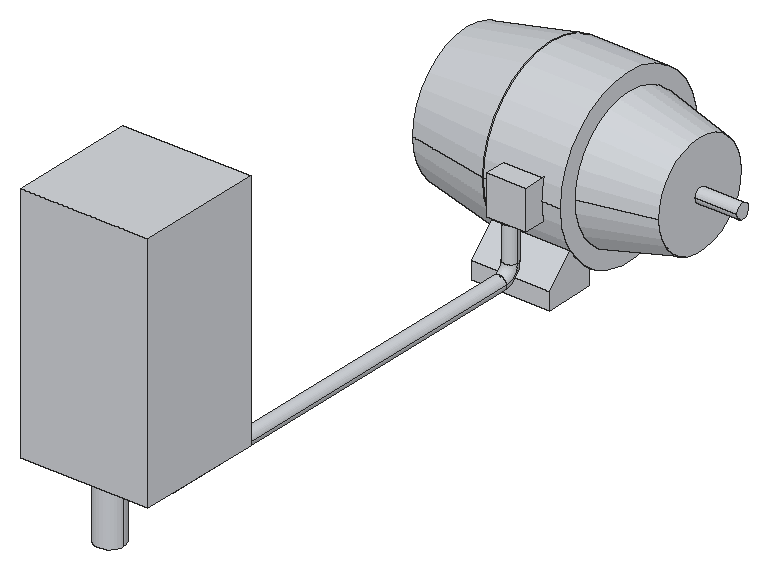
Revit family "56276b2224914bb4ba42f3f954289799", category Electrical Fixtures, Revit 2021
Family settings
  Maintain Annotation Orientation = Yes
  Round Connector Dimension = Use Radius
  Part Type = Normal
  OmniClass Number = 23.80.10.21.14
  OmniClass Title = Alternating Current (AC) Motors
  Seek Item ID = Motor with Disconnect-0000-USA-ENU
  Work Plane-Based = No
  Always vertical = Yes
  Cut with Voids When Loaded = No
  Shared = No
  Room Calculation Point = No
Parameters (values of type "Single Phase - 120")
  Width 1 = Base Width * 0.25  # 0' - 1 3/4"
  Voltage = ""
  Radius 2 = Motor Radius * 0.6  # 0' - 1.8"
  Radius 1 = Motor Radius * 0.8  # 0' - 2.4"
  Number of Poles = 1
  Nominal Radius [instance] = 1/2"
  Nominal Diameter [instance] = Nominal Radius * 2  # 1"
  Motor Voltage = 115 V
  Motor Radius = 0' - 3"
  Motor Material = none
  Motor Length = 0' - 9 179/256"
  Load Classification = Motor
  Length 2 = Base Length * 0.25  # 0' - 0 11/16"
  Enclosure [instance] = "Open Dripproof"
  Default Elevation = 0' - 0"
  Axis Length = 0' - 1 1/2"
  Length 1 = 0' - 2 1/2"
  Base Length = 0' - 2 3/4"
  Height 1 = Motor Radius * 0.2  # 0' - 0.6"
  Base Width = 0' - 7"
  Axis Radius = Axis Diameter * 0.5  # 0' - 0 1/4"
  Axis Diameter = 0' - 0 1/2"
  Apparent Load = 1012 VA
Types (5): name | Width 1 | Radius 2 | Radius 1 | Number of Poles | Motor Voltage | Motor Radius | Motor Length | Length 2 | Axis Length | Length 1 | Base Length | Height 1 | Base Width | Axis Radius | Axis Diameter | Apparent Load
  (no name) | 0' - 1 3/4" | 0' - 1.8" | 0' - 2.4" | 1 | 115 V | 0' - 3" | 0' - 9 179/256" | 0' - 0 11/16" | 0' - 1 1/2" | 0' - 2 1/2" | 0' - 2 3/4" | 0' - 0.6" | 0' - 7" | 0' - 0 1/4" | 0' - 0 1/2" | 1012 VA
  Single Phase - 120 | 0' - 1 3/4" | 0' - 1.8" | 0' - 2.4" | 1 | 115 V | 0' - 3" | 0' - 9 179/256" | 0' - 0 11/16" | 0' - 1 1/2" | 0' - 2 1/2" | 0' - 2 3/4" | 0' - 0.6" | 0' - 7" | 0' - 0 1/4" | 0' - 0 1/2" | 1012 VA
  Single Phase - 240 | 0' - 1 3/4" | 0' - 2.1" | 0' - 2.8" | 2 | 230 V | 0' - 3 1/2" | 0' - 9 51/256" | 0' - 0 3/4" | 0' - 1 225/256" | 0' - 2 3/4" | 0' - 3" | 0' - 0.7" | 0' - 7" | 0' - 0 5/16" | 0' - 0 5/8" | 1058 VA
  Three Phase - 208 | 0' - 2 1/4" | 0' - 2.7" | 0' - 3.6" | 3 | 200 V | 0' - 4 1/2" | 1' - 3" | 0' - 1 3/8" | 0' - 2 3/4" | 0' - 2 3/4" | 0' - 5 1/2" | 0' - 0.9" | 0' - 9" | 0' - 0 9/16" | 0' - 1 1/8" | 2960 VA
  Three Phase - 480 | 0' - 3 1/8" | 0' - 3.15" | 0' - 4.2" | 3 | 460 V | 0' - 5 1/4" | 1' - 10 77/128" | 0' - 2 1/16" | 0' - 4" | 0' - 3 1/2" | 0' - 8 1/4" | 0' - 1.05" | 1' - 0 1/2" | 0' - 0 13/16" | 0' - 1 5/8" | 8510 VA
Reference planes (in)
  plane 1 "Center (Front/Back)": y = 0
  plane 2: z = 0
  plane 3 "Center (Left/Right)": x = 0
  plane 4: x = -4.32422
  plane 5: x = 3.875
  plane 6: x = 5.375
  plane 7: z = 3
  plane 8: z = 3.6875
  plane 9: z = 2.3125
  plane 10: x = -0.6875
  plane 11: x = 0.6875
  plane 12: y = -3.6875
  plane 13: y = -3
  plane 14: y = -2.8
  plane 15: y = 3.5
  plane 16: y = -3.5
  plane 17: z = 0.6
  plane 18: y = 1.75
  plane 19: y = -1.75
  plane 20: through (0, 3.5, 0.6) normal (0, 0.7071, 0.7071)
  plane 21: through (0, -3.5, 0.6) normal (0, 0.7071, -0.7071)
  plane 22: y = 2.4
  plane 23: y = -2.4
  plane 24: x = -1.375
  plane 25: x = 1.375
  plane 26: y = -20
  plane 27: z = 10.8125
  plane 28: y = -22.25
  plane 29: y = -17.75
  plane 30: x = -2.25
  plane 31: x = 2.25
  plane 32: y = -18.875
  plane 33: y = -21.125
  plane 34: z = 1.1
  plane 35: y = -18.37876
  plane 36: y = -4
  plane 37: x = -0.25
  plane 38: x = 0.25
Forms (in)
  Extrusion 1, solid, material <- "Motor Material"
    sketch origin (0, 0, 0) x (0, 1, 0) y (0, 0, 1)
      loop
        circle (0, 3) r 3
    from -1.375 to 1.375
  Blend 2, solid, material <- "Motor Material"
    base sketch origin (0, 0, 0) x (0, 1, 0) y (0, 0, 1)
      loop
        circle (0, 3) r 2.4
    top sketch origin (0, 0, 0) x (0, 1, 0) y (0, 0, 1)
      loop
        circle (0, 3) r 1.8
    from 1.375 to 3.875
  Blend 3, solid, material <- "Motor Material"
    base sketch origin (0, 0, 0) x (0, 1, 0) y (0, 0, 1)
      loop
        circle (0, 3) r 2.4
    top sketch origin (0, 0, 0) x (0, 1, 0) y (0, 0, 1)
      loop
        circle (0, 3) r 3
    from -4.32422 to -1.375
  Extrusion 4, solid, material <- "Motor Material"
    sketch origin (0, 0, 0) x (0, 1, 0) y (0, 0, 1)
      loop
        circle (0, 3) r 0.25
    from 3.875 to 5.375
  Extrusion 5, solid, material <- "Motor Material"
    sketch origin (0, 0, 0) x (1, 0, 0) y (0, 0, 1)
      loop
        line (-0.6875, 3.6875) -> (-0.6875, 2.3125) -> (0.6875, 2.3125) -> (0.6875, 3.6875) -> (-0.6875, 3.6875)
    from 2.8 to 3.6875
  Extrusion 6, solid, material <- "Motor Material"
    sketch origin (0, 0, 0) x (0, 1, 0) y (0, 0, 1)
      loop
        line (1.75, 0) -> (3.5, 0) -> (3.5, 0.6) -> (2.59878, 1.50122)
        arc (2.59878, 1.50122) -> (2.22439, 0.98702) -> (1.75, 0.5633) r 3
        line (1.75, 0.5633) -> (1.75, 0)
      loop
        line (-3.5, 0) -> (-1.75, 0) -> (-1.75, 0.5633)
        arc (-1.75, 0.5633) -> (-2.22439, 0.98702) -> (-2.59878, 1.50122) r 3
        line (-2.59878, 1.50122) -> (-3.5, 0.6) -> (-3.5, 0)
    from -1.375 to 1.375
  Sweep 7, solid, material <- "Motor Material"
    path origin (0, 0, 0) x (0, 1, 0) y (0, 0, 1)
      loop
        line (-21.125, 2.3125) -> (-21.125, 0)
    profile origin (0, -21.125, 1.15625) x (1, 0, 0) y (0, 1, 0)
      loop
        circle (0, 0) r 0.5
  Sweep 8, solid, material <- "Motor Material"
    path origin (0, 0, 0) x (0, 1, 0) y (0, 0, 1)
      loop
        line (-18.875, 2.3125) -> (-18.875, 1.03879)
        arc (-18.875, 1.03879) -> (-18.70997, 0.72543) -> (-18.37876, 0.6) r 0.5
        line (-18.37876, 0.6) -> (-4, 0.6)
        arc (-4, 0.6) -> (-3.64645, 0.74645) -> (-3.5, 1.1) r 0.5
        line (-3.5, 1.1) -> (-3.5, 2.3125)
    profile origin (0, -18.875, 1.67565) x (1, 0, 0) y (0, 1, 0)
      loop
        circle (0, 0) r 0.25
  Extrusion 9, solid
    sketch origin (0, 0, 0) x (0, 1, 0) y (0, 0, 1)
      loop
        line (-22.25, 10.8125) -> (-22.25, 2.3125) -> (-17.75, 2.3125) -> (-17.75, 10.8125) -> (-22.25, 10.8125)
    from -2.25 to 2.25
Lines and regions (in)
  symbolic lines, detail levels fine
    curve 1: line (-4.32422, 2.4, 0) -> (-4.32422, -2.4, 0)
    curve 2: line (-1.375, -3, 0) -> (-1.375, 3, 0)
    curve 3: line (-4.32422, 2.4, 0) -> (-1.375, 3, 0)
    curve 4: line (-4.32422, -2.4, 0) -> (-1.375, -3, 0)
    curve 5: line (1.375, -3, 0) -> (1.375, 3, 0)
    curve 6: line (-1.375, 3, 0) -> (1.375, 3, 0)
    curve 7: line (-1.375, -3, 0) -> (1.375, -3, 0)
    curve 8: line (3.875, -1.8, 0) -> (3.875, 1.8, 0)
    curve 9: line (3.875, 1.8, 0) -> (1.375, 2.4, 0)
    curve 10: line (3.875, -1.8, 0) -> (1.375, -2.4, 0)
    curve 11: line (5.375, -0.25, 0) -> (5.375, 0.25, 0)
    curve 12: line (5.375, 0.25, 0) -> (3.875, 0.25, 0)
    curve 13: line (5.375, -0.25, 0) -> (3.875, -0.25, 0)
    curve 14: line (-0.6875, -3.6875, 0) -> (0.6875, -3.6875, 0)
    curve 15: line (-0.6875, -3.6875, 0) -> (-0.6875, -3, 0)
    curve 16: line (0.6875, -3.6875, 0) -> (0.6875, -3, 0)
    curve 17: line (2.25, -17.75, 0) -> (-2.25, -17.75, 0)
    curve 18: line (2.25, -22.25, 0) -> (2.25, -17.75, 0)
    curve 19: line (-2.25, -17.75, 0) -> (-2.25, -22.25, 0)
    curve 20: line (-2.25, -22.25, 0) -> (2.25, -22.25, 0)
    curve 21: line (-0.25, -17.75, 0) -> (-0.25, -3.6875, 0)
    curve 22: line (0.25, -17.75, 0) -> (0.25, -3.6875, 0)
Dimensions and locks (in)
  "Axis Length": plane 5 to plane 6
  "Motor Length": plane 4 to plane 6
  "Motor Radius": plane 7 to plane 2
  "Length 2": plane 8 to plane 7
  "Length 2": plane 7 to plane 9
  "Length 2": plane 3 "Center (Left/Right)" to plane 10
  "Length 2": plane 11 to plane 3 "Center (Left/Right)"
  "Motor Radius": plane 1 "Center (Front/Back)" to plane 13
  locked: plane 14 to plane 13 at 0.2
  "Length 2": plane 13 to plane 12
  equal spacing: plane 15, plane 1 "Center (Front/Back)", plane 16
  "Base Width": plane 15 to plane 16
  "Height 1": plane 17 to level
  "Width 1": plane 15 to plane 18
  "Width 1": plane 19 to plane 16
  "Radius 1": plane 22 to plane 1 "Center (Front/Back)"
  "Radius 1": plane 23 to plane 1 "Center (Front/Back)"
  equal spacing: plane 24, plane 3 "Center (Left/Right)", plane 25
  "Base Length": plane 24 to plane 25
  locked: plane 26 to plane 1 "Center (Front/Back)" at 20
  locked: plane 27 to plane 9 at 8.5
  locked: plane 28 to plane 26 at 2.25
  locked: plane 26 to plane 29 at 2.25
  locked: plane 30 to plane 3 "Center (Left/Right)" at 2.25
  locked: plane 3 "Center (Left/Right)" to plane 31 at 2.25
  equal spacing: plane 26, plane 32, plane 29
  equal spacing: plane 28, plane 33, plane 26
  locked: plane 34 to plane 17 at 0.5
  locked: plane 32 to plane 35 at 0.49624
  locked: plane 36 to plane 16 at 0.5
  "Length 1": plane 25 to plane 5
  "Radius 1": plane 1 "Center (Front/Back)" to curve 1
  "Radius 1": curve 1 to plane 1 "Center (Front/Back)"
  "Motor Radius": plane 1 "Center (Front/Back)" to curve 2
  "Motor Radius": curve 2 to plane 1 "Center (Front/Back)"
  "Motor Radius": plane 1 "Center (Front/Back)" to curve 5
  "Motor Radius": curve 5 to plane 1 "Center (Front/Back)"
  "Radius 2": plane 1 "Center (Front/Back)" to curve 8
  "Radius 2": curve 8 to plane 1 "Center (Front/Back)"
  "Axis Radius": plane 1 "Center (Front/Back)" to curve 11
  "Axis Radius": curve 11 to plane 1 "Center (Front/Back)"
  locked: plane 37 to plane 3 "Center (Left/Right)" at 0.25
  locked: plane 3 "Center (Left/Right)" to plane 38 at 0.25
  "Motor Radius": radius of Extrusion 1 sketch curve
  "Radius 1": radius of Blend 2 sketch curve
  "Radius 2": radius of Blend 2 sketch curve
  "Radius 1": radius of Blend 3 sketch curve
  "Motor Radius": radius of Blend 3 sketch curve
  "Axis Radius": radius of Extrusion 4 sketch curve
  "Nominal Radius": radius of Sweep 7 sketch curve
  locked: plane 20 to plane 17 (angle 135.00°)
  locked: plane 21 to plane 17 (angle 45.00°)
  aligned and locked: plane 7 to Extrusion 1 sketch curve
  aligned and locked: plane 1 "Center (Front/Back)" to Extrusion 1 sketch curve
  aligned and locked: plane 7 to Blend 2 sketch curve  (x2)
  aligned and locked: plane 1 "Center (Front/Back)" to Blend 2 sketch curve  (x2)
  aligned and locked: plane 5 to Blend 2
  aligned and locked: plane 7 to Blend 3 sketch curve  (x2)
  aligned and locked: plane 1 "Center (Front/Back)" to Blend 3 sketch curve  (x2)
  aligned and locked: Blend 3 to plane 4
  aligned and locked: plane 7 to Extrusion 4 sketch curve
  aligned and locked: plane 1 "Center (Front/Back)" to Extrusion 4 sketch curve
  aligned and locked: plane 6 to Extrusion 4
  aligned and locked: Extrusion 4 to plane 5
  aligned and locked: plane 10 to Extrusion 5 sketch curve
  aligned and locked: Extrusion 5 sketch curve to plane 8
  aligned and locked: plane 9 to Extrusion 5 sketch curve
  aligned and locked: Extrusion 5 sketch curve to plane 11
  aligned and locked: Extrusion 5 to plane 14
  aligned and locked: plane 12 to Extrusion 5
  aligned and locked: Extrusion 6 sketch curve to level
  aligned and locked: Extrusion 6 sketch curve to plane 18
  aligned and locked: Extrusion 6 sketch curve to plane 15
  aligned and locked: Extrusion 6 sketch curve to plane 20
  aligned and locked: Extrusion 6 sketch curve to Extrusion 1  (x2)
  aligned and locked: plane 16 to Extrusion 6 sketch curve
  aligned and locked: Extrusion 6 sketch curve to plane 19
  aligned and locked: Extrusion 6 sketch curve to plane 21
  aligned and locked: Extrusion 6 to plane 2
  aligned and locked: plane 24 to Blend 3
  aligned and locked: Extrusion 1 to plane 24
  aligned and locked: Extrusion 6 to plane 24
  aligned and locked: plane 24 to Extrusion 6
  aligned and locked: plane 25 to Extrusion 1
  aligned and locked: Blend 2 to plane 25
  aligned and locked: plane 25 to Extrusion 6
  aligned and locked: Extrusion 6 to plane 25
  aligned and locked: Sweep 7 sketch curve to plane 33
  aligned and locked: plane 16 to Sweep 8 sketch curve
  aligned and locked: Sweep 8 sketch curve to plane 34
  aligned and locked: plane 36 to Sweep 8 sketch curve
  aligned and locked: plane 34 to Sweep 8 sketch curve
  aligned and locked: plane 35 to Sweep 8 sketch curve
  aligned and locked: plane 1 "Center (Front/Back)" to nested 1
  aligned and locked: plane 3 "Center (Left/Right)" to nested 1
  aligned and locked: Blend 3 to curve 1
  aligned and locked: curve 2 to Blend 3
  aligned and locked: curve 5 to Extrusion 1
  aligned and locked: curve 8 to Blend 2
  aligned and locked: plane 23 to curve 10
  aligned and locked: plane 22 to curve 9
  aligned and locked: plane 25 to curve 10
  aligned and locked: curve 11 to Extrusion 4
  aligned and locked: Extrusion 4 to curve 12
  aligned and locked: curve 14 to Extrusion 5
  aligned and locked: plane 12 to curve 14
  aligned and locked: curve 15 to Extrusion 5
  aligned and locked: curve 16 to Extrusion 5
  aligned and locked: plane 37 to curve 21
  aligned and locked: plane 38 to curve 22
  aligned and locked: plane 28 to Extrusion 9 sketch curve
  aligned and locked: Extrusion 9 sketch curve to plane 27
  aligned and locked: plane 9 to Extrusion 9 sketch curve
  aligned and locked: Extrusion 9 sketch curve to plane 29
  aligned and locked: Extrusion 9 to plane 30
  aligned and locked: plane 31 to Extrusion 9
Automatic sketch dimensions
  Extrusion 6 sketch curve to level = 0' - 0"
  Sweep 7 sketch curve to level = 0' - 0"
  Sweep 7 sketch curve to plane 9 = 0' - 0"
  Sweep 7 sketch curve to plane 3 "Center (Left/Right)" = 0' - 0"
  profile plane to Sweep 7 sketch curve = 0' - 0"
  Sweep 8 sketch curve to plane 32 = 0' - 0"
  Sweep 8 sketch curve to plane 9 = 0' - 0"  (x2)
  Sweep 8 sketch curve to plane 3 "Center (Left/Right)" = 0' - 0"
  profile plane to Sweep 8 sketch curve = 0' - 0"
  curve 17 to plane 29 = 0' - 0"
  curve 17 to plane 30 = 0' - 0"
  curve 20 to plane 28 = 0' - 0"
  curve 20 to plane 31 = 0' - 0"
  radius of Sweep 8 sketch curve = 0' - 0 1/4"
Nested families (in)
  nested 1: "Motor with Disconnect Annotation" at (0, 0, 0), type "Motor with Disconnect Annotation", detail levels coarse+medium
Connectors (in)
  electrical at (-2.25, -20, 6.5625), driven by "Motor Voltage", driven by "Number of Poles", driven by "Apparent Load", driven by "Apparent Load", driven by "Load Classification"
    settings: on Extrusion 9, index 1, voltage 115 V, apparent load 1012 VA, apparent load phase1 1012 VA, apparent load phase2 0 VA, apparent load phase3 0 VA, power factor 1, load classification "Motor", number of poles 1, system type 30, power factor state 1, is connector primary yes, connector utility no, sub classification motor no, connector description ""
  cabletrayconduit at (0, -21.125, 0), diameter 1, driven by "Nominal Radius"
    settings: on Sweep 7, index 2, connector width 1' - 0", connector height 1' - 0", connector angle 0.00°, system type 32, placement type 0, profile type 0, connector reference index -1, is primary connector yes, connector utility param no, connector description ""
Definition of nested family "Motor with Disconnect Annotation"
  Parameters
    Label Annotation = "AIM"
  Reference planes (in)
    plane 1: y = 0
    plane 2: x = 0
  Lines and regions (in)
    detail lines
      curve 1: circle (0, 0, 0) r 0.125 normal (0, 0, 1)
      curve 2: circle (0, 0, 0) r 0.04688 normal (0, 0, 1)
      curve 3: line (-0.03541, 0.03072, 0) -> (0.04891, 0.11503, 0)
      curve 4: line (0.03541, -0.03072, 0) -> (-0.04891, -0.11503, 0)
      curve 9: line (0.14062, 0.0625, 0) -> (0.26563, 0.0625, 0)
      curve 10: line (0.14062, -0.0625, 0) -> (0.14062, 0.0625, 0)
      curve 11: line (0.26563, -0.0625, 0) -> (0.14062, -0.0625, 0)
      curve 12: line (0.26563, 0.0625, 0) -> (0.26563, -0.0625, 0)
      curve 15: line (0.20313, 0.125, 0) -> (0.20313, 0.0625, 0)
      curve 17: line (0.20313, 0.125, 0) -> (0.29688, 0.125, 0)
    reference lines
      curve 5: line (0.14063, 0.08858, 0) -> (0.14062, -0.14507, 0)
      curve 6: line (0.26563, 0.11186, 0) -> (0.26562, -0.16735, 0)
      curve 7: line (0.04597, 0.0625, 0) -> (0.41129, 0.0625, 0)
      curve 8: line (0.05775, -0.0625, 0) -> (0.41129, -0.0625, 0)
      curve 13: line (0.19325, 0.125, 0) -> (0.41129, 0.125, 0)
      curve 14: line (0.20313, 0.18462, 0) -> (0.20312, -0.17775, 0)
      curve 16: line (0.29688, 0.18462, 0) -> (0.29687, -0.20603, 0)
  Dimensions and locks (in)
    locked: plane 2 to curve 5 at 0.14063
    locked: curve 5 to curve 6 at 0.125
    locked: plane 1 to curve 7 at 0.0625
    locked: curve 8 to plane 1 at 0.0625
    locked: curve 7 to curve 13 at 0.0625
    locked: curve 5 to curve 14 at 0.0625
    locked: curve 14 to curve 16 at 0.09375
    radius of curve 1 = 0' - 0 1/8"
    radius of curve 2 = 0' - 0 3/64"
    aligned and locked: plane 1 to curve 1
    aligned and locked: plane 2 to curve 1
    aligned and locked: plane 1 to curve 2
    aligned and locked: plane 2 to curve 2
    aligned and locked: curve 7 to curve 9
    aligned and locked: curve 10 to curve 5
    aligned and locked: curve 11 to curve 8
    aligned and locked: curve 6 to curve 12
    aligned and locked: curve 13 to curve 15
    aligned and locked: curve 7 to curve 15
    aligned and locked: curve 14 to curve 15
    aligned and locked: curve 16 to curve 17
    aligned and locked: curve 14 to curve 17
    aligned and locked: curve 13 to curve 17
